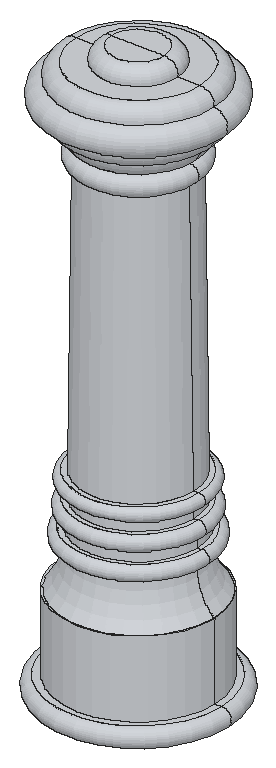
Revit family
Parameters (values of type "SBS 014.5")
  Width = 1' - 3 1/4"
  URL = "www.strombergarchitectural.com"
  Top Material = GFRC
  Submittal Sheet = "www.strombergarchitectural.com/images/materials/gfrc/submittal/gfrc-submittal-sheet.pdf"
  Specifications = "www.strombergarchitectural.com/gfrcspecifications"
  Model Cut-sheet = "www.strombergarchitectural.com/products/bollards/design/SBS-014"
  Model = "SBS 014"
  Manufacturer = "Stromberg Architectural Products"
  Guidebook = "www.strombergarchitectural.com/images/materials/gfrc/handbooks/gfrc_guidebook.pdf"
  Frame Material = none
  Description = "GFRC Bollard"
  Assembly Code = ""
  Height = 4' - 0"
  XXX.5 = yes
  XXX.4 = no
  XXX.3 = no
  XXX.2 = no
  XXX.1 = no
Types (6): name | Width | Guidebook | Height | XXX.5 | XXX.4 | XXX.3 | XXX.2 | XXX.1
  (no name) | 1' - 3 1/4" | "www.strombergarchitectural.com/images/materials/gfrc/handbooks/gfrc_guidebook.pdf" | 4' - 0" | yes | no | no | no | no
  SBS 014.3 | 0' - 11 1/2" | "www.strombergarchitectural.com/images/materials/gfrc/handbooks/gfrc_guidebook.pdf" | 3' - 0" | no | no | yes | no | no
  SBS 014.1 | 0' - 7 1/2" | "www.strombergarchitectural.com/images/materials/gfrc/handbooks/gfrc_guidebook.pdf   \r\n(http://www.strombergarchitectural.com/images/materials/gfrc/handbooks/gfrc_guidebook.pdf" | 2' - 0" | no | no | no | no | yes
  SBS 014.2 | 0' - 9 1/2" | "www.strombergarchitectural.com/images/materials/gfrc/handbooks/gfrc_guidebook.pdf" | 2' - 6" | no | no | no | yes | no
  SBS 014.4 | 1' - 1 1/2" | "www.strombergarchitectural.com/images/materials/gfrc/handbooks/gfrc_guidebook.pdf" | 3' - 6" | no | yes | no | no | no
  SBS 014.5 | 1' - 3 1/4" | "www.strombergarchitectural.com/images/materials/gfrc/handbooks/gfrc_guidebook.pdf" | 4' - 0" | yes | no | no | no | no
Reference planes (in)
  plane 1 "Center (Front/Back)": y = 3.74847
  plane 2: z = 0
  plane 3 "Center (Left/Right)": x = 0.7278
  plane 4 "Front": y = -3.25153
  plane 5 "Back": y = 10.74847
Forms (in)
  Revolve 1, solid, visible <- "XXX.1"
    sketch origin (0, 3.74847, 0) x (1, 0, 0) y (0, 0, 1)
      loop
        line (0.7278, 23.99962) -> (-0.35177, 23.99962)
        arc (-0.35177, 23.99962) -> (-0.76124, 23.83286) -> (-0.88729, 23.40908) r 0.51092
        line (-0.88729, 23.40908) -> (-1.82245, 23.40908)
        arc (-1.82245, 23.40908) -> (-2.24405, 23.24427) -> (-2.39787, 22.81854) r 0.54806
        arc (-2.39787, 22.81854) -> (-2.94412, 22.25146) -> (-2.39787, 21.68437) r 0.56748
        arc (-2.39787, 21.68437) -> (-2.22949, 21.27074) -> (-1.84005, 21.05216) r 0.67649
        arc (-1.84005, 21.05216) -> (-1.68441, 20.678) -> (-1.37195, 20.41996) r 0.84156
        arc (-1.37195, 20.41996) -> (-1.75526, 20.05547) -> (-1.41291, 19.65225) r 0.38501
        line (-1.41291, 19.65225) -> (-1.562, 8.33189) -> (-1.77237, 8.33189)
        arc (-1.77237, 8.33189) -> (-2.02335, 8.08091) -> (-1.77237, 7.82993) r 0.25098
        line (-1.77237, 7.82993) -> (-1.57504, 7.82993) -> (-1.57504, 7.32797) -> (-1.77237, 7.32797)
        arc (-1.77237, 7.32797) -> (-2.06764, 7.0327) -> (-1.77237, 6.73743) r 0.29527
        line (-1.77237, 6.73743) -> (-1.71667, 6.73743) -> (-1.71667, 6.29452) -> (-1.90995, 6.29452)
        arc (-1.90995, 6.29452) -> (-2.20522, 5.99925) -> (-1.90995, 5.70398) r 0.29527
        line (-1.90995, 5.70398) -> (-1.69051, 5.70398)
        arc (-1.69051, 5.70398) -> (-1.86091, 4.75248) -> (-2.37254, 3.93235) r 2.55548
        line (-2.37254, 3.93235) -> (-2.4316, 3.93235) -> (-2.4316, 0.7677) -> (-2.7112, 0.7677)
        arc (-2.7112, 0.7677) -> (-3.09506, 0.38385) -> (-2.7112, 0) r 0.38385
        line (-2.7112, 0) -> (0.7278, 0) -> (0.7278, 23.99962)
      axis (0.7278, 23.99962) -> (0.7278, 0)
    angle from 0 to 360
  Revolve 2, solid, visible <- "XXX.2"
    sketch origin (0, 3.74847, 0) x (1, 0, 0) y (0, 0, 1)
      loop
        line (0.7278, 29.99959) -> (-0.62166, 29.99959)
        arc (-0.62166, 29.99959) -> (-1.1335, 29.79113) -> (-1.29107, 29.26141) r 0.63866
        line (-1.29107, 29.26141) -> (-2.46001, 29.26141)
        arc (-2.46001, 29.26141) -> (-2.98702, 29.05539) -> (-3.17929, 28.52323) r 0.68508
        arc (-3.17929, 28.52323) -> (-3.86211, 27.81437) -> (-3.17929, 27.10551) r 0.70935
        arc (-3.17929, 27.10551) -> (-2.96882, 26.58847) -> (-2.48202, 26.31525) r 0.84561
        arc (-2.48202, 26.31525) -> (-2.28747, 25.84755) -> (-1.89689, 25.52499) r 1.05195
        arc (-1.89689, 25.52499) -> (-2.37602, 25.06938) -> (-1.9481, 24.56536) r 0.48126
        line (-1.9481, 24.56536) -> (-2.13446, 10.41488) -> (-2.39742, 10.41488)
        arc (-2.39742, 10.41488) -> (-2.71115, 10.10116) -> (-2.39742, 9.78743) r 0.31373
        line (-2.39742, 9.78743) -> (-2.15075, 9.78743) -> (-2.15075, 9.15998) -> (-2.39742, 9.15998)
        arc (-2.39742, 9.15998) -> (-2.76651, 8.79089) -> (-2.39742, 8.4218) r 0.36909
        line (-2.39742, 8.4218) -> (-2.32779, 8.4218) -> (-2.32779, 7.86817) -> (-2.56939, 7.86817)
        arc (-2.56939, 7.86817) -> (-2.93848, 7.49908) -> (-2.56939, 7.12999) r 0.36909
        line (-2.56939, 7.12999) -> (-2.29509, 7.12999)
        arc (-2.29509, 7.12999) -> (-2.5081, 5.94062) -> (-3.14764, 4.91545) r 3.19436
        line (-3.14764, 4.91545) -> (-3.22146, 4.91545) -> (-3.22146, 0.95963) -> (-3.57096, 0.95963)
        arc (-3.57096, 0.95963) -> (-4.05078, 0.47982) -> (-3.57096, 0) r 0.47982
        line (-3.57096, 0) -> (0.7278, 0) -> (0.7278, 29.99959)
      axis (0.7278, 29.99959) -> (0.7278, 0)
    angle from 0 to 360
  Revolve 3, solid, visible <- "XXX.3"
    sketch origin (0, 3.74847, 0) x (1, 0, 0) y (0, 0, 1)
      loop
        line (0.7278, 36) -> (-0.89158, 36)
        arc (-0.89158, 36) -> (-1.50579, 35.74985) -> (-1.69488, 35.11417) r 0.7664
        line (-1.69488, 35.11417) -> (-3.09763, 35.11417)
        arc (-3.09763, 35.11417) -> (-3.73004, 34.86696) -> (-3.96078, 34.22835) r 0.8221
        arc (-3.96078, 34.22835) -> (-4.78017, 33.37771) -> (-3.96078, 32.52707) r 0.85124
        arc (-3.96078, 32.52707) -> (-3.70821, 31.90661) -> (-3.12403, 31.57874) r 1.01474
        arc (-3.12403, 31.57874) -> (-2.89058, 31.01749) -> (-2.42187, 30.63041) r 1.26236
        arc (-2.42187, 30.63041) -> (-2.99684, 30.08367) -> (-2.48332, 29.47884) r 0.57752
        line (-2.48332, 29.47884) -> (-2.70696, 12.49803) -> (-3.02252, 12.49803)
        arc (-3.02252, 12.49803) -> (-3.399, 12.12156) -> (-3.02252, 11.74508) r 0.37648
        line (-3.02252, 11.74508) -> (-2.72651, 11.74508) -> (-2.72651, 10.99213) -> (-3.02252, 10.99213)
        arc (-3.02252, 10.99213) -> (-3.46543, 10.54921) -> (-3.02252, 10.1063) r 0.44291
        line (-3.02252, 10.1063) -> (-2.93896, 10.1063) -> (-2.93896, 9.44193) -> (-3.22888, 9.44193)
        arc (-3.22888, 9.44193) -> (-3.6718, 8.99902) -> (-3.22888, 8.5561) r 0.44291
        line (-3.22888, 8.5561) -> (-2.89972, 8.5561)
        arc (-2.89972, 8.5561) -> (-3.15533, 7.12884) -> (-3.92279, 5.89862) r 3.83329
        line (-3.92279, 5.89862) -> (-4.01137, 5.89862) -> (-4.01137, 1.15157) -> (-4.43079, 1.15157)
        arc (-4.43079, 1.15157) -> (-5.00657, 0.57579) -> (-4.43079, 0) r 0.57579
        line (-4.43079, 0) -> (0.7278, 0) -> (0.7278, 36)
      axis (0.7278, 36) -> (0.7278, 0)
    angle from 0 to 360
  Revolve 4, solid, visible <- "XXX.4"
    sketch origin (0, 3.74847, 0) x (1, 0, 0) y (0, 0, 1)
      loop
        line (0.7278, 41.99969) -> (-1.16146, 41.99969)
        arc (-1.16146, 41.99969) -> (-1.87804, 41.70784) -> (-2.09863, 40.96623) r 0.89412
        line (-2.09863, 40.96623) -> (-3.73517, 40.96623)
        arc (-3.73517, 40.96623) -> (-4.47297, 40.67781) -> (-4.74216, 39.93277) r 0.95911
        arc (-4.74216, 39.93277) -> (-5.69811, 38.94037) -> (-4.74216, 37.94796) r 0.9931
        arc (-4.74216, 37.94796) -> (-4.44751, 37.2241) -> (-3.76597, 36.84159) r 1.18386
        arc (-3.76597, 36.84159) -> (-3.49361, 36.1868) -> (-2.94679, 35.73521) r 1.47274
        arc (-2.94679, 35.73521) -> (-3.61758, 35.09735) -> (-3.01848, 34.39172) r 0.67377
        line (-3.01848, 34.39172) -> (-3.27938, 14.58093) -> (-3.64754, 14.58093)
        arc (-3.64754, 14.58093) -> (-4.08676, 14.14171) -> (-3.64754, 13.70249) r 0.43922
        line (-3.64754, 13.70249) -> (-3.3022, 13.70249) -> (-3.3022, 12.82405) -> (-3.64754, 12.82405)
        arc (-3.64754, 12.82405) -> (-4.16427, 12.30732) -> (-3.64754, 11.79059) r 0.51673
        line (-3.64754, 11.79059) -> (-3.55005, 11.79059) -> (-3.55005, 11.0155) -> (-3.8883, 11.0155)
        arc (-3.8883, 11.0155) -> (-4.40503, 10.49877) -> (-3.8883, 9.98204) r 0.51673
        line (-3.8883, 9.98204) -> (-3.50427, 9.98204)
        arc (-3.50427, 9.98204) -> (-3.80249, 8.31691) -> (-4.69785, 6.88167) r 4.47213
        line (-4.69785, 6.88167) -> (-4.80119, 6.88167) -> (-4.80119, 1.34349) -> (-5.29051, 1.34349)
        arc (-5.29051, 1.34349) -> (-5.96225, 0.67175) -> (-5.29051, 0) r 0.67175
        line (-5.29051, 0) -> (0.7278, 0) -> (0.7278, 41.99969)
      axis (0.7278, 41.99969) -> (0.7278, 0)
    angle from 0 to 360
  Revolve 5, solid, visible <- "XXX.5"
    sketch origin (0, 3.74847, 0) x (1, 0, 0) y (0, 0, 1)
      loop
        line (0.7278, 47.99907) -> (-1.43133, 47.99907)
        arc (-1.43133, 47.99907) -> (-2.25026, 47.66554) -> (-2.50237, 46.81799) r 1.02184
        line (-2.50237, 46.81799) -> (-4.37268, 46.81799)
        arc (-4.37268, 46.81799) -> (-5.21587, 46.48838) -> (-5.52351, 45.63691) r 1.09612
        arc (-5.52351, 45.63691) -> (-6.61601, 44.50275) -> (-5.52351, 43.36858) r 1.13496
        arc (-5.52351, 43.36858) -> (-5.18677, 42.54132) -> (-4.40788, 42.10417) r 1.35297
        arc (-4.40788, 42.10417) -> (-4.09661, 41.35585) -> (-3.47168, 40.83976) r 1.68312
        arc (-3.47168, 40.83976) -> (-4.23829, 40.11078) -> (-3.55361, 39.30436) r 0.77001
        line (-3.55361, 39.30436) -> (-3.85179, 16.66372) -> (-4.27253, 16.66372)
        arc (-4.27253, 16.66372) -> (-4.77449, 16.16176) -> (-4.27253, 15.6598) r 0.50196
        line (-4.27253, 15.6598) -> (-3.87786, 15.6598) -> (-3.87786, 14.65588) -> (-4.27253, 14.65588)
        arc (-4.27253, 14.65588) -> (-4.86307, 14.06535) -> (-4.27253, 13.47481) r 0.59054
        line (-4.27253, 13.47481) -> (-4.16112, 13.47481) -> (-4.16112, 12.589) -> (-4.54768, 12.589)
        arc (-4.54768, 12.589) -> (-5.13822, 11.99846) -> (-4.54768, 11.40792) r 0.59054
        line (-4.54768, 11.40792) -> (-4.1088, 11.40792)
        arc (-4.1088, 11.40792) -> (-4.44961, 9.50493) -> (-5.47287, 7.86468) r 5.11095
        line (-5.47287, 7.86468) -> (-5.59098, 7.86468) -> (-5.59098, 1.5354) -> (-6.15018, 1.5354)
        arc (-6.15018, 1.5354) -> (-6.91789, 0.7677) -> (-6.15018, 0) r 0.7677
        line (-6.15018, 0) -> (0.7278, 0) -> (0.7278, 47.99907)
      axis (0.7278, 47.99907) -> (0.7278, 0)
    angle from 0 to 360
Dimensions and locks (in)
  aligned and locked: level to plane 2
